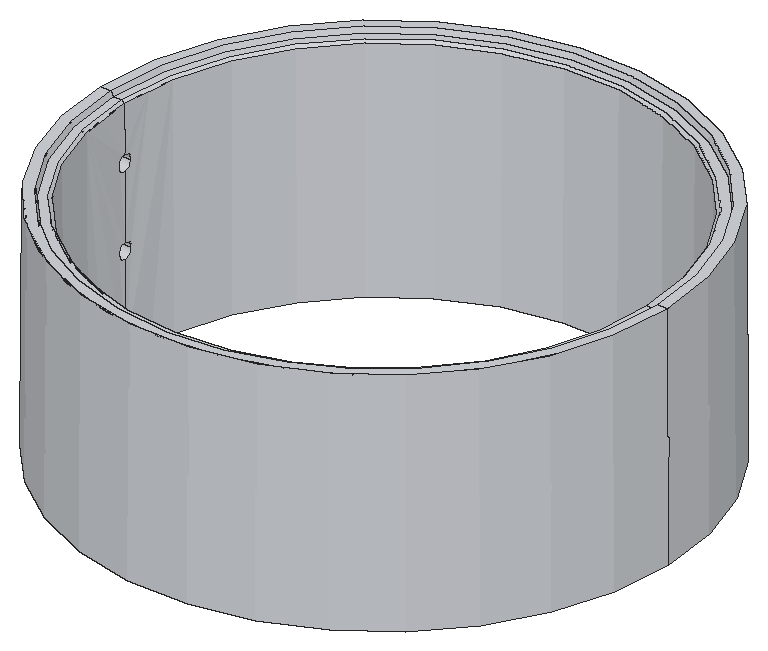
Revit family "Кольцо 2000х910 с замком КС 20.9", category Обобщенные модели, Revit 2023
Family settings
  Может служить основой для арматурных стержней = Нет
  Размер круглого соединителя = Использовать диаметр
  Тип детали = Нормальный
  На основе рабочей плоскости = Нет
  Всегда вертикально = Да
  При загрузке вырезать с полостями = Нет
  Сохранять ориентацию аннотаций = Нет
  Общий = Нет
  Точка принадлежности помещению = Нет
Parameters (values of type "Кольцо 2000х910 с замком КС 20.9")
  фаска = 10 mm
  толщ_на_h2_расч = (t1 - t2) / 2 * (h1 + h2) / ADSK_Размер_Высота + 10 mm  # 13.709 mm
  толщ_на_h1_расч = (t1 - t2) / 2 * h1 / ADSK_Размер_Высота + 10 mm  # 12.033 mm
  сужение_низ = 5 mm
  отступ_низ = 36 mm
  отступ_верх = 38.5 mm
  выступ = 20 mm
  вырез2 = yes
  вырез1 = yes
  Отметка по умолчанию = 0 mm
  t2 = 90 mm
  t1 = 100 mm
  h2 = 305 mm
  h1 = 370 mm
  d1 = 20 mm * tan(20.00°)  # 7.279 mm
  ADSK_Размер_Диаметр = 2020 mm
  ADSK_Размер_Высота = 910 mm
  ADSK_Масса = 1384
Reference planes
  plane 1 "По центру (Вперед/Назад)": y = 0
  plane 2: z = 0
  plane 3 "По центру (Влево/Вправо)": x = 0
  plane 4: x = 1010
  plane 5: x = -1010
  plane 6: y = 1010
  plane 7: y = -1010
  plane 8: z = 890
  plane 9: z = 910
  plane 10: z = 20
  plane 11: x = -1105
  plane 12: x = 1105
  plane 13: y = 1105
  plane 14: y = -1105
  plane 15: y = 1100
  plane 16: y = -1100
  plane 17: x = -1100
  plane 18: x = 1100
  plane 19: x = 1046
  plane 20: x = 1061.5
  plane 21: x = 1054.221
  plane 22: x = 1053.279
  plane 23: z = 880
  plane 24: x = 1020
  plane 25: z = 370
  plane 26: z = 675
  plane 27: y = 1005
  plane 28: y = -1005
  plane 29: x = -1005
  plane 30: x = 1005
  plane 31: x = -1091.291
  plane 32: x = -1092.967
  plane 33: x = 1091.291
  plane 34: x = 1092.967
Forms (mm)
  Revolve 1, solid
    sketch origin (0, 0, 0) x (1, 0, 0) y (0, 0, 1)
      loop
        line (1010, 880) -> (1005, 0) -> (1046, 0) -> (1053.279, 20) -> (1105, 20) -> (1100, 910) -> (1061.5, 910) -> (1054.221, 890) -> (1020, 890) -> (1010, 880)
      axis (0, 0) -> (0, 910)
    angle from 0 to 360
  Extrusion 2, void
    sketch origin (0, 0, 0) x (0, -1, 0) y (0, 0, 1)
      loop
        circle (0, 675) r 30
    from -1091.291 to 1091.291
  Extrusion 3, void
    sketch origin (0, 0, 0) x (0, -1, 0) y (0, 0, 1)
      loop
        circle (0, 370) r 30
    from -1092.967 to 1092.967
Cuts and joins
  Extrusion 2, Extrusion 3 cuts Revolve 1
Dimensions and locks
  equal spacing: plane 5, plane 3 "По центру (Влево/Вправо)", plane 4
  equal spacing: plane 7, plane 1 "По центру (Вперед/Назад)", plane 6
  "ADSK_Размер_Диаметр": plane 5 to plane 4
  "ADSK_Размер_Диаметр": plane 7 to plane 6
  "выступ": plane 9 to plane 8
  "выступ": plane 10 to level
  "t1": plane 11 to plane 29
  "t1": plane 30 to plane 12
  "t2": plane 6 to plane 15
  "t2": plane 16 to plane 7
  "t2": plane 17 to plane 5
  "t2": plane 4 to plane 18
  "отступ_низ": plane 19 to plane 4
  "отступ_верх": plane 18 to plane 20
  "d1": plane 20 to plane 21
  "d1": plane 22 to plane 19
  "фаска": plane 8 to plane 23
  "фаска": plane 24 to plane 4
  "h1": plane 25 to level
  "h2": plane 26 to plane 25
  "ADSK_Размер_Высота": plane 9 to level
  "сужение_низ": plane 5 to plane 29
  "сужение_низ": plane 30 to plane 4
  "сужение_низ": plane 27 to plane 6
  "сужение_низ": plane 7 to plane 28
  "t1": plane 14 to plane 28
  "t1": plane 27 to plane 13
  "толщ_на_h2_расч": plane 31 to plane 11
  "толщ_на_h1_расч": plane 32 to plane 11
  "толщ_на_h2_расч": plane 12 to plane 33
  "толщ_на_h1_расч": plane 12 to plane 34
  aligned and locked: level to plane 2
  aligned and locked: Revolve 1 sketch curve to plane 8
  aligned and locked: Revolve 1 sketch curve to plane 9
  aligned and locked: plane 10 to Revolve 1 sketch curve
  aligned and locked: Revolve 1 sketch curve to level
  aligned and locked: Extrusion 2 to plane 31
  aligned and locked: Extrusion 3 to plane 32
  aligned and locked: plane 33 to Extrusion 2
  aligned and locked: plane 34 to Extrusion 3
Automatic sketch dimensions
  Revolve 1 sketch curve to level = 0 mm
  Revolve 1 sketch curve to plane 3 "По центру (Влево/Вправо)" = 0 mm
  Revolve 1 sketch curve to plane 30 = 0 mm
  Revolve 1 sketch curve to plane 4 = 0 mm
  Revolve 1 sketch curve to plane 24 = 0 mm
  Revolve 1 sketch curve to plane 19 = 0 mm
  Revolve 1 sketch curve to plane 22 = 0 mm
  Revolve 1 sketch curve to plane 21 = 0 mm
  Revolve 1 sketch curve to plane 20 = 0 mm
  Revolve 1 sketch curve to plane 18 = 0 mm
  Revolve 1 sketch curve to plane 12 = 0 mm
  Revolve 1 sketch curve to plane 23 = 0 mm
  Revolve 1 sketch curve to plane 9 = 0 mm
  Extrusion 2 sketch curve to plane 1 "По центру (Вперед/Назад)" = 0 mm
  Extrusion 2 sketch curve to plane 26 = 0 mm
  Extrusion 3 sketch curve to plane 1 "По центру (Вперед/Назад)" = 0 mm
  Extrusion 3 sketch curve to plane 25 = 0 mm
  radius of Extrusion 2 sketch curve = 30 mm
  radius of Extrusion 3 sketch curve = 30 mm
